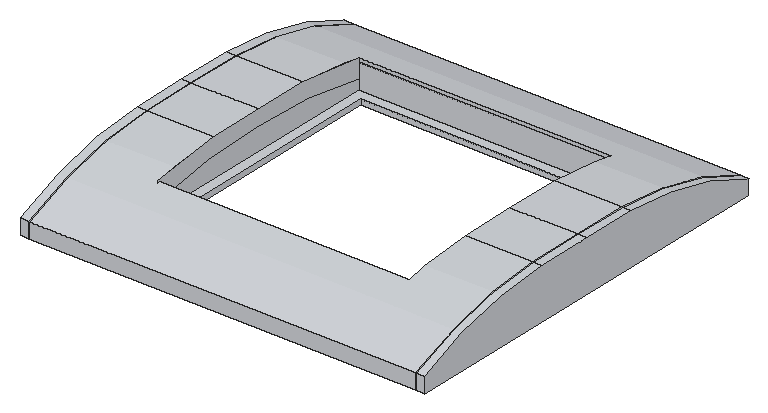
Revit family "Gira_0211778", category Electrical Fixtures, host Face, Revit 2017
Family settings
  Host = Face
  Maintain Annotation Orientation = No
  Round Connector Dimension = Use Diameter
  Part Type = Normal
  Cut with Voids When Loaded = No
  Shared = No
  Room Calculation Point = No
Parameters (values of type "Cov.fr. 1-g interm.fr. AN Gira Event Clear sand")
  With mounting grid = "No"
  With hinged lid = "No"
  URL = "http://katalog.gira.de/en/datenblatt.html?artikelnr=0211778"
  Type of fastening = "Clamp mounting"
  Transparent = "No"
  Surface protection = "Other"
  Surface finishing = "Glossy"
  Suitable for wall duct = "No"
  Suitable for flush-mounted installation = "Yes"
  Suitable for floor box = "No"
  Suitable for built-in installation = "No"
  Number of units vertical = "1"
  Number of units horizontal = "1"
  Number of units = "1"
  Name = "Cov.fr. 1-g interm.fr. AN Gira Event Clear sand"
  Mounting direction = "Horizontal and vertical"
  Material quality = "Thermoplastic"
  Material = "Plastic"
  Manufacturer URL = "https://www.gira.de/"
  Manufacturer = "Gira"
  Label space/information surface = "No"
  Keynote = ""
  HeinzeBIM = "https://bimportal.heinze.de/bim/cov-fr-1-g-interm-fr-an-gira-event-clear-sand/eb34924635a263034ee7d74a85c6bfdd8981b369"
  Halogen free = "Yes"
  HAN = "0211778"
  GTIN = "4010337069645"
  Description = "Cov.fr.1g i.fr.AN EvCl SD,Gira Event Clear cover frame,sand with anthracite intermediate frame,1-gang,Features:,- Shatter-proof."
  Degree of protection (IP) = "IP20"
  Default Elevation = 1219.2 mm
  Data sheet (1) = "https://katalog.gira.de/en/download.html?artikelnr=0211778"
  Colour = "Other"
  Category = "Cover frame for domestic switching devices"
  BIM (1) = "https://media.stage.bim.site/public/gira/36a6b08/Event_Rahmen_1fach.rfa"
  Available = "No"
Reference planes
  plane 1 "Center (Front/Back)": y = 0
  plane 2: z = 0
  plane 3 "Center (Left/Right)": x = 0
Forms (mm)
  Extrusion 1, solid, detail levels fine
    sketch origin (0, 0, 1.55) x (0, 1, 0) y (0, 0, 1)
      loop
        arc (12.445, 9.683) -> (6.223, 9.833) -> (0, 9.85) r 291.636
        arc (0, 9.85) -> (-6.223, 9.833) -> (-12.445, 9.683) r 291.636
        arc (-12.445, 9.683) -> (-29.14, 7.482) -> (-45, 1.823) r 79.728
        line (-45, 1.823) -> (-45, -1.55) -> (-41.777, -1.55) -> (-41.777, -0.55)
        arc (-41.777, -0.55) -> (-21.205, 4.846) -> (0, 6.467) r 118.15
        arc (0, 6.467) -> (21.205, 4.846) -> (41.777, -0.55) r 118.15
        line (41.777, -0.55) -> (41.777, -1.55) -> (45, -1.55) -> (45, 1.823)
        arc (45, 1.823) -> (29.14, 7.482) -> (12.445, 9.683) r 79.728
    from -43 to 43
  Extrusion 2, void, detail levels fine
    sketch origin (0, 0, 0) x (1, 0, 0) y (0, 1, 0)
      loop
        line (-28, -28) -> (28, -28) -> (28, 28) -> (-28, 28) -> (-28, -28)
    from 2.85 to 12
  Extrusion 3, solid, detail levels coarse
    sketch origin (0, 0, 0) x (1, 0, 0) y (0, 1, 0)
      loop
        line (-45, 45) -> (-45, -45) -> (45, -45) -> (45, 45) -> (-45, 45)
    from 0 to 11.4
  Extrusion 4, solid, detail levels medium
    sketch origin (0, 0, 1.55) x (0, 1, 0) y (0, 0, 1)
      loop
        arc (12.445, 9.683) -> (6.223, 9.833) -> (0, 9.85) r 291.636
        arc (0, 9.85) -> (-6.223, 9.833) -> (-12.445, 9.683) r 291.636
        arc (-12.445, 9.683) -> (-29.14, 7.482) -> (-45, 1.823) r 79.728
        line (-45, 1.823) -> (-45, -1.55) -> (45, -1.55) -> (45, 1.823)
        arc (45, 1.823) -> (29.14, 7.482) -> (12.445, 9.683) r 79.728
    from -45 to 45
  Extrusion 5, solid, detail levels fine
    sketch origin (0, 0, 0) x (0, 1, 0) y (0, 0, 1)
      loop
        arc (45, 3.373) -> (29.14, 9.032) -> (12.445, 11.233) r 79.728
        arc (12.445, 11.233) -> (6.223, 11.383) -> (0, 11.4) r 291.636
        arc (0, 11.4) -> (-6.223, 11.383) -> (-12.445, 11.233) r 291.636
        arc (-12.445, 11.233) -> (-29.14, 9.032) -> (-45, 3.373) r 79.728
        line (-45, 3.373) -> (-45, 0) -> (45, 0) -> (45, 3.373)
    from 43 to 45
  Extrusion 6, solid, detail levels fine
    sketch origin (0, 0, 0) x (0, 1, 0) y (0, 0, -1)
      loop
        line (45, -3.373) -> (45, 0) -> (-45, 0) -> (-45, -3.373)
        arc (-45, -3.373) -> (-29.14, -9.032) -> (-12.445, -11.233) r 79.728
        arc (-12.445, -11.233) -> (-6.223, -11.383) -> (0, -11.4) r 291.636
        arc (0, -11.4) -> (6.223, -11.383) -> (12.445, -11.233) r 291.636
        arc (12.445, -11.233) -> (29.14, -9.032) -> (45, -3.373) r 79.728
    from 43 to 45
  Extrusion 7, solid, detail levels fine
    sketch origin (0, 0, 0) x (1, 0, 0) y (0, 1, 0)
      loop
        line (-25.7, 25.7) -> (-25.7, -25.7) -> (25.7, -25.7) -> (25.7, 25.7) -> (-25.7, 25.7)
      loop
        line (-29.495, 27.895) -> (-29.495, -27.895)
        spline (-29.495, -27.895) -> (-29.486, -28.025) -> (-29.461, -28.154) -> (-29.419, -28.278) -> (-29.361, -28.395) -> (-29.288, -28.504) -> (-29.202, -28.602) -> (-29.104, -28.688) -> (-28.995, -28.761) -> (-28.878, -28.819) -> (-28.754, -28.861) -> (-28.625, -28.886) -> (-28.495, -28.895)
        line (-28.495, -28.895) -> (28.495, -28.895)
        spline (28.495, -28.895) -> (28.625, -28.886) -> (28.754, -28.861) -> (28.878, -28.819) -> (28.995, -28.761) -> (29.104, -28.688) -> (29.202, -28.602) -> (29.288, -28.504) -> (29.361, -28.395) -> (29.419, -28.278) -> (29.461, -28.154) -> (29.486, -28.025) -> (29.495, -27.895)
        line (29.495, -27.895) -> (29.495, 27.895)
        spline (29.495, 27.895) -> (29.486, 28.025) -> (29.461, 28.154) -> (29.419, 28.278) -> (29.361, 28.395) -> (29.288, 28.504) -> (29.202, 28.602) -> (29.104, 28.688) -> (28.995, 28.761) -> (28.878, 28.819) -> (28.754, 28.861) -> (28.625, 28.886) -> (28.495, 28.895)
        line (28.495, 28.895) -> (-28.495, 28.895)
        spline (-28.495, 28.895) -> (-28.625, 28.886) -> (-28.754, 28.861) -> (-28.878, 28.819) -> (-28.995, 28.761) -> (-29.104, 28.688) -> (-29.202, 28.602) -> (-29.288, 28.504) -> (-29.361, 28.395) -> (-29.419, 28.278) -> (-29.461, 28.154) -> (-29.486, 28.025) -> (-29.495, 27.895)
    from 1.673 to 8.5
Cuts and joins
  Extrusion 2 cuts Extrusion 1
  Extrusion 2 cuts Extrusion 7
Dimensions and locks
  aligned and locked: plane 2 to host face
  aligned and locked: level to host face
